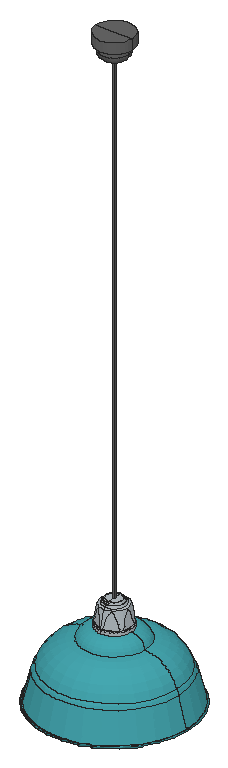
Revit family "Contempo Barn WDU5_14,16,18,20,22", category Lighting Fixtures, Revit 2020
Family settings
  Round Connector Dimension = Use Diameter
  Part Type = Normal
  OmniClass Number = 23.80.70.00
  OmniClass Title = Lighting
  Work Plane-Based = No
  Always vertical = Yes
  Cut with Voids When Loaded = No
  Light Source = Yes
  Shared = No
  Room Calculation Point = No
Parameters (values of type "WDU522")
  b = 0' - 2"
  a = 1' - 1"
  Weight = "6.2 lb"
  Wattage Comments = "200w Max"  # constant formula
  Wattage = 5.04908 W
  Warranty = "5 year limited warranty"  # constant formula
  WDU522 = yes
  WDU520 = no
  WDU518 = no
  WDU516 = no
  WDU514 = no
  built-in parameter 1150110 = 1 (stored number, unit not read)
  Voltage = 120 V
  URL = "https://www.anplighting.com/assets/Uploads/product-attachments/specification-sheets/ANP-Specification-Sheet-INC-WDU522.pdf"
  built-in parameter 1114217 = 1 (stored number, unit not read)
  Tilt Angle = 90.00°
  built-in parameter 1150109 = 1 (stored number, unit not read)
  built-in parameter 1150134 = (empty or 0)
  built-in parameter 1150113 = 1 (stored number, unit not read)
  Photometric Web File = "generic"
  built-in parameter 1150142 = (empty or 0)
  Mounting Option [instance] = 1
  Power Factor = 1
  Post Mount [instance] = Mounting Option = 5  # no
  Placement X axis side [instance] = if(Post Mount, 2' 2 15/32", if(Cord or Stem Mount, 0' 0", if(E36 20 inch, 1' 8 1/4", if(E 6 26 inch, 2' 2", if(E7 41 inch, 3' 5 1/4", 0' 1")))))  # 0' - 0"
  Model = "WDU522"
  Manufacturer = "ANP Lighting"  # constant formula
  built-in parameter 1150105 = 59.683 (stored number, unit not read)
  Lumens = 750 lm
  built-in parameter 1150115 = 1 (stored number, unit not read)
  Load Classification = Lighting
  Light Source Height [instance] = 0' - 0"
  built-in parameter 1150137 = (empty or 0)
  built-in parameter 1150139 = (empty or 0)
  Light Elevation _2 [instance] = if(Post Mount, 0' 0.66142", if(E7 41 inch, 0' 0.66142", if(E36 20 inch, 0' 1.65748", if(E 6 26 inch, 0' 1.53543", if(Cord or Stem Mount, (0' 4.3622" + Cord Length), 0' 0")))))  # 6' - 4.3622"
  Light Elevation _1 [instance] = if(Post Mount, 0' 0", if(E7 41 inch, 0' 0", if(E36 20 inch, 0' 1", if(E 6 26 inch, 0' 0.87402", if(Cord or Stem Mount, (0' 3.66142" + Cord Length), 0' 0")))))  # 6' - 3.66142"
  Light Elevation [instance] = if(Post Mount, 14' 0.5315", if(E7 41 inch, 0' 0", 0' 0"))  # 0' - 0"
  Life = "L70 50,000 hours"  # constant formula
  built-in parameter 1150112 = 1 (stored number, unit not read)
  built-in parameter 1150114 = 1 (stored number, unit not read)
  Lamp = "Incandescent"  # constant formula
  built-in parameter 1150132 = 2
  built-in parameter 1150102 = (empty or 0)
  built-in parameter 1150107 = 3000 (stored number, unit not read)
  built-in parameter 1150138 = (empty or 0)
  built-in parameter 1150106 = 0.59683 (stored number, unit not read)
  HUB = Putty
  Fixture Height = 1' - 2"
  Fixture Diameter = 1' - 10"
  Efficiency = "65-125 lumens per watt"  # constant formula
  built-in parameter 1150104 = 13.8 (stored number, unit not read)
  E7 41 inch [instance] = Mounting Option = 4  # no
  E36 20 inch [instance] = Mounting Option = 3  # no
  E 6 26 inch [instance] = Mounting Option = 2  # no
  Dimming Lamp Color Temperature Shift = <None>
  Dimming = "1%"  # constant formula
  Description = "120-277 Voltage"  # constant formula
  Default Elevation = 0' - 0"
  Cord or Stem Mount [instance] = Mounting Option = 1  # yes
  Cord Length option [instance] = 0
  Cord Length [instance] = if([2' Cord], 2' 0", if([4' Cord], 4' 0", if([8' Cord], 8' 0", if([10' Cord], 10' 0", if([6' Cord], 6' 0", 6' 0")))))  # 6' - 0"
  Construction Material = "Heavy Duty spun aluminum."  # constant formula
  Color Filter = 16777215
  Canopy Body = Aqua Green
  CRI = ">90"  # constant formula
  Body Material = body
  Body Colour = "Spun aluminium"  # constant formula
  built-in parameter 1114218 = 1 (stored number, unit not read)
  BULB = yes
  built-in parameter 1150133 = 10 (stored number, unit not read)
  Apparent Load = 200 VA
  8' Cord [instance] = Cord Length option = 8  # no
  6' Cord [instance] = Cord Length option = 6  # no
  4' Cord [instance] = Cord Length option = 4  # no
  2' Cord [instance] = Cord Length option = 2  # no
  10' Cord [instance] = Cord Length option = 10  # no
Reference planes (in)
  plane 1 "Light Source Axis (F/B)": y = 0
  plane 2: z = 0
  plane 3 "Light Source Axis (L/R)": x = 0
  plane 4 "Light Source Elevation": z = 0
  plane 5: z = 0
  plane 6: x = 0
  plane 7 "Bulb Position": z = -76.3622
  plane 8 "Canopy Position": z = -75.66142
  plane 9 "IES": z = -76.3622
  plane 10: z = 164.5315
  plane 11: z = -88.66142
  plane 12: z = -86.66142
  plane 13: z = -84.23029
Dimensions and locks (in)
  "Light Elevation": plane 5 to plane 2
  "Placement X axis side": plane 6 to plane 3 "Light Source Axis (L/R)"
  "Light Elevation _2": plane 5 to plane 7 "Bulb Position"
  "Light Elevation _1": plane 5 to plane 8 "Canopy Position"
  "Light Source Height": plane 7 "Bulb Position" to plane 9 "IES"
  locked: plane 4 "Light Source Elevation" to plane 2
  "a": plane 8 "Canopy Position" to plane 11
  "b": plane 12 to plane 11
  locked: plane 13 to plane 12 at 2.43113
  aligned and locked: level to plane 2
  aligned and locked: plane 1 "Light Source Axis (F/B)" to nested 5
  aligned and locked: nested 5 to plane 2
  aligned and locked: nested 1 to plane 3 "Light Source Axis (L/R)"
  aligned and locked: plane 3 "Light Source Axis (L/R)" to nested 2
  aligned and locked: plane 3 "Light Source Axis (L/R)" to nested 4
  aligned and locked: nested 3 to plane 5
  aligned and locked: plane 3 "Light Source Axis (L/R)" to nested 3
  aligned and locked: plane 1 "Light Source Axis (F/B)" to nested 2
  aligned and locked: plane 1 "Light Source Axis (F/B)" to nested 1
  aligned and locked: plane 1 "Light Source Axis (F/B)" to nested 4
  aligned and locked: plane 1 "Light Source Axis (F/B)" to nested 3
  aligned and locked: plane 2 to nested 1
  aligned and locked: plane 2 to nested 2
  aligned and locked: nested 4 to plane 2
  aligned and locked: imposter light to plane 6
  aligned and locked: plane 12 to imposter light
  aligned and locked: imposter light to plane 1 "Light Source Axis (F/B)"
  aligned and locked: plane 1 "Light Source Axis (F/B)" to nested 6
  aligned and locked: plane 3 "Light Source Axis (L/R)" to nested 6
  aligned and locked: nested 6 to plane 8 "Canopy Position"
  aligned and locked: plane 1 "Light Source Axis (F/B)" to nested 7
  aligned and locked: plane 3 "Light Source Axis (L/R)" to nested 7
  aligned and locked: nested 7 to plane 8 "Canopy Position"
  aligned and locked: nested 8 to plane 8 "Canopy Position"
  aligned and locked: nested 9 to plane 8 "Canopy Position"
  aligned and locked: nested 10 to plane 8 "Canopy Position"
  aligned and locked: plane 1 "Light Source Axis (F/B)" to nested 8
  aligned and locked: plane 3 "Light Source Axis (L/R)" to nested 8
  aligned and locked: plane 1 "Light Source Axis (F/B)" to nested 9
  aligned and locked: plane 3 "Light Source Axis (L/R)" to nested 9
  aligned and locked: plane 1 "Light Source Axis (F/B)" to nested 10
  aligned and locked: plane 3 "Light Source Axis (L/R)" to nested 10
Nested families (in)
  nested 1: "CORD OR STEM MOUNT" at (0, 0, -75.67), visible <- "Cord or Stem Mount", Cord or Stem Mount <- "Cord or Stem Mount", Body Material <- "Body Material", Light Elevation <- "Light Elevation", Cord Length <- "Cord Length", 10' Cord <- "10' Cord", 2' Cord <- "2' Cord", 4' Cord <- "4' Cord", 6' Cord <- "6' Cord", 8' Cord <- "8' Cord", type "CORD OR STEM MOUNT"
    with Light Elevation 0' - 0", Cord or Stem Mount yes, Cord Length 6' - 0", Body Material body, 8' Cord no, 6' Cord no, 4' Cord no, 2' Cord no, 10' Cord no
  nested 2: "E6 26 INCH" at (0, 0, 0), visible <- "E 6 26 inch", Chain Length <- "Cord Length", E 6 26 inch <- "E 6 26 inch", Placement X axis side <- "Placement X axis side", Body Material <- "Body Material", Light Elevation <- "Light Elevation", type "E6 26 INCH"
    with Placement X axis side 0' - 0", Light Elevation 0' - 0", E 6 26 inch no, Chain Length 6' - 0", Body Material body
  nested 3: "E7 41 INCH" at (0, 0, 0), Chain Length <- "Cord Length", visible <- "E7 41 inch", E7 41 inch <- "E7 41 inch", Placement X axis side <- "Placement X axis side", Body Material <- "Body Material", Light Elevation <- "Light Elevation", type "E7 41 INCH"
    with Placement X axis side 0' - 0", Light Elevation 0' - 0", E7 41 inch no, Chain Length 6' - 0", Body Material body
  nested 4: "E36 20 INCH" at (0, 0, 0), visible <- "E36 20 inch", E36 20 inch <- "E36 20 inch", Placement X axis side <- "Placement X axis side", Chain Length <- "Cord Length", Body Material <- "Body Material", Light Elevation <- "Light Elevation", type "E36 20 INCH"
    with Placement X axis side 0' - 0", Light Elevation 0' - 0", E36 20 inch no, Chain Length 6' - 0", Body Material body
  nested 5: "POST MOUNT" at (0, 0, 0), visible <- "Post Mount", Post Mount <- "Post Mount", Placement X axis side <- "Placement X axis side", Chain Length <- "Cord Length", Body Material <- "Body Material", Light Elevation <- "Light Elevation", type "POST MOUNT"
    with Post Mount no, Placement X axis side 0' - 0", Light Elevation 0' - 0", Chain Length 6' - 0", Body Material body
  nested 6: "WDU514_1" at (0, 0, -75.66142), Light Elevation <- "Light Elevation", HUB <- "HUB", Body <- "Canopy Body", visible <- "WDU514", WDU514 <- "WDU514", type "WDU514_1"
    with WDU514 no, Light Elevation 0' - 0", HUB Putty, Body Aqua Green
  nested 7: "WDU516_1" at (0, 0, -75.66142), visible <- "WDU516", WDU516 <- "WDU516", Body <- "Canopy Body", HUB <- "HUB", Light Elevation <- "Light Elevation", type "WDU516_1"
    with WDU516 no, Light Elevation 0' - 0", HUB Putty, Body Aqua Green
  nested 8: "WDU518_1" at (0, 0, -75.66142), visible <- "WDU518", WDU518 <- "WDU518", Light Elevation <- "Light Elevation", Body <- "Canopy Body", HUB <- "HUB", type "WDU518_1"
    with WDU518 no, Light Elevation 0' - 0", HUB Putty, Body Aqua Green
  nested 9: "WDU520_1" at (0, 0, -75.66142), WDU520 <- "WDU520", visible <- "WDU520", Body <- "Canopy Body", HUB <- "HUB", Light Elevation <- "Light Elevation", type "WDU520_1"
    with WDU520 no, Light Elevation 0' - 0", HUB Putty, Body Aqua Green
  nested 10: "WDU522_1" at (0, 0, -75.66142), WDU522 <- "WDU522", visible <- "WDU522", Body <- "Canopy Body", HUB <- "HUB", Light Elevation <- "Light Elevation", type "WDU522_1"
    with WDU522 yes, Light Elevation 0' - 0", HUB Putty, Body Aqua Green
Definition of nested family "CORD OR STEM MOUNT"
  Parameters (values of type "CORD OR STEM MOUNT")
    URL = ""
    Model = ""
    Manufacturer = ""
    Light Elevation [instance] = 1' - 7.69"
    Default Elevation = 0' - 0"
    Cord or Stem Mount [instance] = yes
    Cord Length [instance] = 6' - 0"
    Body Material [instance] = none
    8' Cord [instance] = no
    6' Cord [instance] = no
    4' Cord [instance] = no
    2' Cord [instance] = no
    10' Cord [instance] = no
  Reference planes (in)
    plane 1 "Light Source Axis (F/B)": y = 0
    plane 2: z = 0
    plane 3 "Light Source Axis (L/R)": x = 0
    plane 4 "Light Source Elevation": z = 23.125
    plane 5: z = 91.69
    plane 6: z = 19.69
  Forms (in)
    Extrusion 1, void, not visible
      sketch origin (0, 0, 2.38154) x (1, 0, 0) y (0, 0, 1)
        loop
          circle (0, 4.59925) r 0.16583
      from 1.18594 to 1.75
    Extrusion 2, void, not visible
      sketch origin (0, 0, 2.38154) x (0.707107, -0.707107, 0) y (0, 0, 1)
        loop
          circle (0, 4.59925) r 0.16583
      from 1.18594 to 1.75
    Extrusion 3, void, not visible
      sketch origin (0, 0, 2.38154) x (0.707107, 0.707107, 0) y (0, 0, 1)
        loop
          circle (0, 4.59925) r 0.16583
      from 1.18594 to 1.75
    Extrusion 4, void, not visible
      sketch origin (0, 0, 2.38154) x (0, 1, 0) y (0, 0, 1)
        loop
          circle (0, 4.59925) r 0.16583
      from 1.18594 to 1.75
    Extrusion 5, void, not visible
      sketch origin (0, 0, 2.38154) x (-0.707107, 0.707107, 0) y (0, 0, 1)
        loop
          circle (0, 4.59925) r 0.16583
      from 1.18594 to 1.75
    Extrusion 6, void, not visible
      sketch origin (0, 0, 2.38154) x (-1, 0, 0) y (0, 0, 1)
        loop
          circle (0, 4.59925) r 0.20678
      from 1.18594 to 1.75
    Extrusion 7, void, not visible
      sketch origin (0, 0, 2.38154) x (-0.707107, -0.707107, 0) y (0, 0, 1)
        loop
          circle (0, 4.59925) r 0.16583
      from 1.18594 to 1.75
    Extrusion 8, void, not visible
      sketch origin (0, 0, 2.38154) x (0, -1, 0) y (0, 0, 1)
        loop
          circle (0, 4.59925) r 0.16583
      from 1.18594 to 1.75
    Revolve 9, solid, material <- "Body Material", visible <- "Cord or Stem Mount"
      sketch origin (0, 0, 174.56698) x (1, 0, 0) y (0, 0, 1)
        loop
          line (2.6875, -79.20698) -> (0, -79.20698) -> (0, -82.87698) -> (0.125, -82.87698) -> (0.125, -82.83698) -> (0.75, -82.83698)
          arc (0.75, -82.83698) -> (0.81694, -82.77004) -> (0.75, -82.7031) r 0.06694
          line (0.75, -82.7031) -> (0.89763, -82.7031) -> (1.00223, -82.5985) -> (1.06587, -82.5985)
          arc (1.06587, -82.5985) -> (1.80099, -82.29401) -> (2.10549, -81.55888) r 1.03962
          line (2.10549, -81.55888) -> (2.10549, -81.03899)
          arc (2.10549, -81.03899) -> (2.12951, -80.981) -> (2.1875, -80.95698) r 0.08201
          line (2.1875, -80.95698) -> (2.1875, -80.70698) -> (2.6875, -80.70698) -> (2.6875, -79.20698)
        axis (0, -79.20698) -> (0, -82.87698)
      angle from 0 to 360
    Revolve 10, solid, material <- "Body Material", visible <- "Cord or Stem Mount"
      sketch origin (0, 0, 0) x (1, 0, 0) y (0, 0, 1)
        loop
          line (0, 91.69) -> (-0.125, 91.69) -> (-0.125, 19.69) -> (0, 19.69) -> (0, 91.69)
        axis (0, 19.69) -> (0, 91.69)
      angle from 0 to 360
  Dimensions and locks (in)
    "Light Elevation": plane 6 to plane 2
    "Cord Length": plane 5 to plane 6
    locked: Revolve 10 sketch curve to Revolve 10 sketch curve at 0.125
    aligned and locked: level to plane 2
    aligned and locked: Revolve 10 sketch curve to plane 3 "Light Source Axis (L/R)"
    aligned and locked: Revolve 10 sketch curve to plane 6
    aligned and locked: Revolve 10 sketch curve to plane 5
    aligned and locked: plane 3 "Light Source Axis (L/R)" to Revolve 10 sketch curve
  Automatic sketch dimensions
    Revolve 9 sketch curve to plane 3 "Light Source Axis (L/R)" = 0' - 0"  (x2)
    Revolve 9 sketch curve to plane 5 = 0' - 0"
    plane 3 "Light Source Axis (L/R)" to Revolve 9 sketch curve = 0' - 0 1/8"
    Revolve 9 sketch curve to plane 5 = 0' - 0.17388"
    Revolve 9 sketch curve to Revolve 9 sketch curve = 0' - 0 5/8"
    Revolve 9 sketch curve to Revolve 9 sketch curve = 0' - 0.14763"
    Revolve 9 sketch curve to plane 5 = 0' - 0.27847"
    Revolve 9 sketch curve to Revolve 9 sketch curve = 0' - 0.1046"
    Revolve 9 sketch curve to Revolve 9 sketch curve = 0' - 0.06364"
    Revolve 9 sketch curve to Revolve 9 sketch curve = 0' - 1.03962"
    Revolve 9 sketch curve to Revolve 9 sketch curve = 0' - 0 21/256"
    Revolve 9 sketch curve to Revolve 9 sketch curve = 0' - 0 1/2"  (x2)
    Revolve 9 sketch curve to Revolve 9 sketch curve = 0' - 0.51989"
    Revolve 9 sketch curve to Revolve 9 sketch curve = 0' - 0 1/4"
    Revolve 9 sketch curve to Revolve 9 sketch curve = 0' - 2.3519"
    Revolve 9 sketch curve to Revolve 9 sketch curve = 0' - 1 1/4"
    Revolve 9 sketch curve to Revolve 9 sketch curve = 0' - 0.04"
    Revolve 10 sketch curve to Revolve 10 sketch curve = 0' - 0 1/2"
    Revolve 10 sketch curve to Revolve 10 sketch curve = 0' - 0.42345"
Definition of nested family "WDU522_1"
  Parameters (values of type "WDU522_1")
    WDU522 [instance] = yes
    Light Elevation [instance] = 3' - 8"
    HUB [instance] = none
    Default Elevation = 0' - 0"
    Body [instance] = none
  Reference planes (in)
    plane 1 "Center (Front/Back)": y = 0
    plane 2: z = 0
    plane 3 "Center (Left/Right)": x = 0
    plane 4: z = 44
  Dimensions and locks (in)
    "Light Elevation": plane 4 to plane 2
    aligned and locked: plane 2 to level
    aligned and locked: plane 3 "Center (Left/Right)" to nested 1
    aligned and locked: plane 1 "Center (Front/Back)" to nested 1
    aligned and locked: plane 4 to nested 1
  Nested families (in)
    nested 1: "WDU522" at (0, 0, 30), HUB <- "HUB", BODY <- "Body", visible <- "WDU522", WDU522 <- "WDU522", type "WDU522"
      with WDU522 yes, HUB none, BODY none
  Definition of nested family "WDU522"
    Parameters (values of type "WDU522")
      WDU522 [instance] = yes
      BODY [instance] = none
      HUB [instance] = none
      Default Elevation = 0' - 0"
    Reference planes (in)
      plane 1 "Center (Front/Back)": y = 0
      plane 2: z = 0
      plane 3 "Center (Left/Right)": x = 0
      plane 4: z = 14
      plane 5: x = 11
      plane 6: x = -11
    Forms (in)
      Revolve 1, solid, material <- "BODY", visible <- "WDU522"
        sketch origin (0, 0, 0.0332) x (1, 0, 0) y (0, 0, 1)
          loop
            line (-1.94, 10.9225) -> (-2, 10.9225) -> (-2.25, 10.6725) -> (-2.25, 10.2525) -> (-2.40704, 10.2525)
            arc (-2.40704, 10.2525) -> (-3.76646, 9.81015) -> (-4.60523, 8.6525) r 2.31
            arc (-4.60523, 8.6525) -> (-7.4873, 7.5302) -> (-9.32379, 5.04159) r 5.56
            arc (-9.32379, 5.04159) -> (-9.54023, 4.69583) -> (-9.68431, 4.31419) r 2.06
            line (-9.68431, 4.31419) -> (-10.81027, 0.11202)
            arc (-10.81027, 0.11202) -> (-10.82971, 0.08136) -> (-10.86102, 0.063) r 0.07702
            arc (-10.86102, 0.063) -> (-10.90573, 0.07945) -> (-10.89012, 0.12445) r 0.034
            line (-10.89012, 0.12445) -> (-10.85843, 0.14019)
            arc (-10.85843, 0.14019) -> (-10.83729, 0.20302) -> (-10.90012, 0.22416) r 0.04687
            line (-10.90012, 0.22416) -> (-10.93181, 0.20842)
            arc (-10.93181, 0.20842) -> (-10.99191, 0.0425) -> (-10.82892, -0.02515) r 0.12775
            arc (-10.82892, -0.02515) -> (-10.76138, 0.0171) -> (-10.72035, 0.08539) r 0.17077
            line (-10.72035, 0.08539) -> (-9.59375, 4.28993)
            arc (-9.59375, 4.28993) -> (-9.45305, 4.66059) -> (-9.24085, 4.99549) r 1.96625
            arc (-9.24085, 4.99549) -> (-7.41111, 7.47039) -> (-4.53426, 8.56438) r 5.46625
            arc (-4.53426, 8.56438) -> (-3.73624, 9.71592) -> (-2.40704, 10.15875) r 2.21625
            line (-2.40704, 10.15875) -> (-2.15625, 10.15875) -> (-2.15625, 10.63367) -> (-1.93371, 10.85621)
            arc (-1.93371, 10.85621) -> (-1.90671, 10.89222) -> (-1.94, 10.9225) r 0.03344
          axis (0, 10.9225) -> (0, -0.02515)
        angle from 0 to 360
      Revolve 2, solid, material <- "HUB", visible <- "WDU522"
        sketch origin (0, 11.70542, 3.37081) x (0, 1, 0) y (0, 0, 1)
          loop
            arc (-12.87581, 10.62919) -> (-12.90449, 10.62015) -> (-12.9228, 10.59629) r 0.05
            line (-12.9228, 10.59629) -> (-13.01461, 10.34404) -> (-13.21461, 10.34404) -> (-13.31652, 10.06404) -> (-13.6924, 9.92723) -> (-14.13025, 7.44404) -> (-14.16127, 7.44404)
            arc (-14.16127, 7.44404) -> (-14.1928, 7.42739) -> (-14.20542, 7.39404) r 0.05039
            line (-14.20542, 7.39404) -> (-14.20542, 6.89404) -> (-11.70542, 6.89404) -> (-11.70542, 10.62919) -> (-12.87581, 10.62919)
          axis (-11.70542, 10.62919) -> (-11.70542, 6.89404)
        angle from 0 to 360
      Extrusion 3, void
        sketch origin (11.70542, 0, 3.37081) x (1, 0, 0) y (0, 0, 1)
          loop
            line (-9.24957, 7.44404) -> (-9.24957, 10.19404) -> (-9.7364, 10.19404) -> (-9.4864, 7.44404) -> (-9.24957, 7.44404)
        from -1.03027 to 1.03705
      Extrusion 4, void
        sketch origin (-11.70542, 0.0024, 3.37081) x (-1, 0.000784, 0) y (0, 0, 1)
          loop
            line (-9.24957, 7.44404) -> (-9.24957, 10.19404) -> (-9.7364, 10.19404) -> (-9.4864, 7.44404) -> (-9.24957, 7.44404)
        from -1.03027 to 1.03705
      Extrusion 5, void
        sketch origin (5.85368, 10.13421, 3.37081) x (0.500262, 0.865874, 0) y (0, 0, 1)
          loop
            line (-9.24957, 7.44404) -> (-9.24957, 10.19404) -> (-9.7364, 10.19404) -> (-9.4864, 7.44404) -> (-9.24957, 7.44404)
        from -1.03027 to 1.03705
      Extrusion 6, void
        sketch origin (-5.85996, -10.13543, 3.37081) x (-0.500941, -0.865481, 0) y (0, 0, 1)
          loop
            line (-9.24957, 7.44404) -> (-9.24957, 10.19404) -> (-9.7364, 10.19404) -> (-9.4864, 7.44404) -> (-9.24957, 7.44404)
        from -1.03027 to 1.03705
      Extrusion 7, void
        sketch origin (-5.84989, 10.13882, 3.37081) x (-0.49958, 0.866268, 0) y (0, 0, 1)
          loop
            line (-9.24957, 7.44404) -> (-9.24957, 10.19404) -> (-9.7364, 10.19404) -> (-9.4864, 7.44404) -> (-9.24957, 7.44404)
        from -1.03027 to 1.03705
      Extrusion 8, void
        sketch origin (5.84361, -10.14244, 3.37081) x (0.4989, -0.866659, 0) y (0, 0, 1)
          loop
            line (-9.24957, 7.44404) -> (-9.24957, 10.19404) -> (-9.7364, 10.19404) -> (-9.4864, 7.44404) -> (-9.24957, 7.44404)
        from -1.03027 to 1.03705
    Cuts and joins
      Extrusion 3 cuts Revolve 1
      Extrusion 3, Extrusion 4, Extrusion 5, Extrusion 6, Extrusion 7, Extrusion 8 cuts Revolve 2
    Dimensions and locks (in)
      plane 4 to plane 2 = 1' - 2"
      plane 5 to plane 3 "Center (Left/Right)" = 0' - 11"
      plane 6 to plane 5 = 1' - 10"
      aligned and locked: plane 2 to level
Definition of nested family "E6 26 INCH"
  Parameters (values of type "E6 26 INCH")
    URL = ""
    Placement X axis side [instance] = 2' - 2"
    Model = ""
    Manufacturer = ""
    Light Elevation [instance] = 8' - 4"
    E 6 26 inch [instance] = yes
    Default Elevation = 0' - 0"
    Chain Length [instance] = 0' - 0"
    Body Material [instance] = none
  Reference planes (in)
    plane 1 "Light Source Axis (F/B)": y = 0
    plane 2: z = 0
    plane 3 "Light Source Axis (L/R)": x = 0
    plane 4 "Light Source Elevation": z = 23.125
    plane 5: z = 100
    plane 6: x = -26
    plane 7: z = 99.125
    plane 8: x = -24.12
    plane 9: x = -25.5474
  Forms (in)
    Extrusion 1, void, not visible
      sketch origin (0, 0, 2.38154) x (1, 0, 0) y (0, 0, 1)
        loop
          circle (0, 4.59925) r 0.16583
      from 1.18594 to 1.75
    Extrusion 2, void, not visible
      sketch origin (0, 0, 2.38154) x (0.707107, -0.707107, 0) y (0, 0, 1)
        loop
          circle (0, 4.59925) r 0.16583
      from 1.18594 to 1.75
    Extrusion 3, void, not visible
      sketch origin (0, 0, 2.38154) x (0.707107, 0.707107, 0) y (0, 0, 1)
        loop
          circle (0, 4.59925) r 0.16583
      from 1.18594 to 1.75
    Extrusion 4, void, not visible
      sketch origin (0, 0, 2.38154) x (0, 1, 0) y (0, 0, 1)
        loop
          circle (0, 4.59925) r 0.16583
      from 1.18594 to 1.75
    Extrusion 5, void, not visible
      sketch origin (0, 0, 2.38154) x (-0.707107, 0.707107, 0) y (0, 0, 1)
        loop
          circle (0, 4.59925) r 0.16583
      from 1.18594 to 1.75
    Extrusion 6, void, not visible
      sketch origin (0, 0, 2.38154) x (-1, 0, 0) y (0, 0, 1)
        loop
          circle (0, 4.59925) r 0.20678
      from 1.18594 to 1.75
    Extrusion 7, void, not visible
      sketch origin (0, 0, 2.38154) x (-0.707107, -0.707107, 0) y (0, 0, 1)
        loop
          circle (0, 4.59925) r 0.16583
      from 1.18594 to 1.75
    Extrusion 8, void, not visible
      sketch origin (0, 0, 2.38154) x (0, -1, 0) y (0, 0, 1)
        loop
          circle (0, 4.59925) r 0.16583
      from 1.18594 to 1.75
    Sweep 9, solid, material <- "Body Material", visible <- "E 6 26 inch"
      path origin (-41.25, 0, 168.51693) x (1, 0, 0) y (0, 0, 1)
        loop
          line (17.13, -68.51693) -> (27.68551, -68.51693)
          arc (27.68551, -68.51693) -> (28.47996, -68.34486) -> (29.13202, -67.8595) r 1.92004
          line (29.13202, -67.8595) -> (34.23651, -62.01155)
          arc (34.23651, -62.01155) -> (38.65464, -60.89667) -> (41.25, -64.64193) r 4
          line (41.25, -64.64193) -> (41.25, -69.39193)
      profile origin (-18.84224, 0, 100) x (0, 0, 1) y (0, -1, 0)
        loop
          circle (0, 0) r 0.5
    Revolve 10, solid, material <- "Body Material", visible <- "E 6 26 inch"
      sketch origin (-26, 0, 168.51693) x (1, 0, 0) y (0, 0, 1)
        loop
          line (0, -66.07943) -> (0, -68.51693) -> (1.88, -68.51693) -> (1.88, -67.69272) -> (0.4526, -67.69272) -> (0.4526, -66.54122) -> (0.33125, -66.54122) -> (0.33125, -66.07943) -> (0, -66.07943)
        axis (0, -68.51693) -> (1.88, -68.51693)
      angle from 0 to 360
    Extrusion 11, solid, material <- "Body Material", visible <- "E 6 26 inch"
      sketch origin (-26, 0, 168.51693) x (0, -1, 0) y (0, 0, -1)
        loop
          line (0.25, 68.51693) -> (0.25, 69.51693) -> (-0.25, 69.51693) -> (-0.25, 68.51693) -> (0.25, 68.51693)
      from 0.4526 to 1.88
  Cuts and joins
    joined: Revolve 10, Extrusion 11
  Dimensions and locks (in)
    "Light Elevation": plane 5 to plane 2
    "Placement X axis side": plane 3 "Light Source Axis (L/R)" to plane 6
    locked: plane 5 to plane 7 at 0.875
    Revolve 10 sketch curve to Revolve 10 sketch curve to Revolve 10 sketch curve to plane 6 = 0' - 1.4274" locked, 0' - 0.12135" locked, 0' - 0.33125" locked
    Revolve 10 sketch curve to Revolve 10 sketch curve to Revolve 10 sketch curve to plane 5 = 0' - 0.46179" locked, 0' - 1.1515" locked, 0' - 0 211/256" locked
    locked: Sweep 9 sketch curve to plane 6 at 1.88
    locked: Sweep 9 sketch curve to Sweep 9 sketch curve at 10.55551
    locked: Sweep 9 sketch curve to Sweep 9 sketch curve at 13.56449
    locked: Sweep 9 sketch curve to Sweep 9 sketch curve at 4.75
    locked: plane 9 to plane 6 at 0.4526
    locked: plane 8 to plane 9 at 1.4274
    aligned and locked: level to plane 2
    aligned and locked: Revolve 10 sketch curve to plane 6
    aligned and locked: plane 5 to Revolve 10 sketch curve
    aligned and locked: Revolve 10 sketch curve to plane 5
    aligned and locked: cut or joined group of Revolve 10, Extrusion 11 to plane 9
    aligned and locked: plane 8 to cut or joined group of Revolve 10, Extrusion 11
  Automatic sketch dimensions
    Sweep 9 sketch curve to plane 5 = 0' - 0"
    Sweep 9 sketch curve to Sweep 9 sketch curve = 0' - 4"
    Sweep 9 sketch curve to Sweep 9 sketch curve = 0' - 3.01349"
    plane 5 to Sweep 9 sketch curve = 0' - 0.65743"
    Sweep 9 sketch curve to Sweep 9 sketch curve = 0' - 1.4465"
    Sweep 9 sketch curve to plane 5 = 0' - 0 7/8"
    profile plane to Sweep 9 sketch curve = 0' - 0"
    Sweep 9 sketch curve to profile plane = 0' - 0"
    plane 6 to Revolve 10 sketch curve = 0' - 0.62562"
    Revolve 10 sketch curve to Revolve 10 sketch curve = 0' - 0 1/2"
    Extrusion 11 sketch curve to plane 5 = 0' - 0"
    plane 1 "Light Source Axis (F/B)" to Extrusion 11 sketch curve = 0' - 0 1/4"
    Extrusion 11 sketch curve to plane 1 "Light Source Axis (F/B)" = 0' - 0 1/4"
    plane 5 to Extrusion 11 sketch curve = 0' - 1"
    radius of Sweep 9 sketch curve = 0' - 0 1/2"
Definition of nested family "E7 41 INCH"
  Parameters (values of type "E7 41 INCH")
    URL = ""
    Placement X axis side [instance] = 4' - 2"
    Model = ""
    Manufacturer = ""
    Light Elevation [instance] = 8' - 4"
    E7 41 inch [instance] = yes
    Default Elevation = 0' - 0"
    Chain Length [instance] = 0' - 0"
    Body Material [instance] = none
  Reference planes (in)
    plane 1 "Light Source Axis (F/B)": y = 0
    plane 2: z = 0
    plane 3 "Light Source Axis (L/R)": x = 0
    plane 4 "Light Source Elevation": z = 23.125
    plane 5: z = 100
    plane 6: x = -50
  Forms (in)
    Extrusion 1, void, not visible
      sketch origin (0, 0, 2.38154) x (1, 0, 0) y (0, 0, 1)
        loop
          circle (0, 4.59925) r 0.16583
      from 1.18594 to 1.75
    Extrusion 2, void, not visible
      sketch origin (0, 0, 2.38154) x (0.707107, -0.707107, 0) y (0, 0, 1)
        loop
          circle (0, 4.59925) r 0.16583
      from 1.18594 to 1.75
    Extrusion 3, void, not visible
      sketch origin (0, 0, 2.38154) x (0.707107, 0.707107, 0) y (0, 0, 1)
        loop
          circle (0, 4.59925) r 0.16583
      from 1.18594 to 1.75
    Extrusion 4, void, not visible
      sketch origin (0, 0, 2.38154) x (0, 1, 0) y (0, 0, 1)
        loop
          circle (0, 4.59925) r 0.16583
      from 1.18594 to 1.75
    Extrusion 5, void, not visible
      sketch origin (0, 0, 2.38154) x (-0.707107, 0.707107, 0) y (0, 0, 1)
        loop
          circle (0, 4.59925) r 0.16583
      from 1.18594 to 1.75
    Extrusion 6, void, not visible
      sketch origin (0, 0, 2.38154) x (-1, 0, 0) y (0, 0, 1)
        loop
          circle (0, 4.59925) r 0.20678
      from 1.18594 to 1.75
    Extrusion 7, void, not visible
      sketch origin (0, 0, 2.38154) x (-0.707107, -0.707107, 0) y (0, 0, 1)
        loop
          circle (0, 4.59925) r 0.16583
      from 1.18594 to 1.75
    Extrusion 8, void, not visible
      sketch origin (0, 0, 2.38154) x (0, -1, 0) y (0, 0, 1)
        loop
          circle (0, 4.59925) r 0.16583
      from 1.18594 to 1.75
    Revolve 9, solid, material <- "Body Material", visible <- "E7 41 inch"
      sketch origin (-41.25, 0, 168.39193) x (1, 0, 0) y (0, 0, 1)
        loop
          line (-8.75, -66.20443) -> (-8.75, -68.51693) -> (-6.87, -68.51693) -> (-6.87, -67.69272) -> (-8.2974, -67.69272) -> (-8.2974, -66.54122) -> (-8.41875, -66.54122) -> (-8.41875, -66.20443) -> (-8.75, -66.20443)
        axis (-8.75, -68.51693) -> (-6.87, -68.51693)
      angle from 0 to 360
    Extrusion 10, solid, material <- "Body Material", visible <- "E7 41 inch"
      sketch origin (-41.25, 0, 168.39193) x (0, -1, 0) y (0, 0, -1)
        loop
          line (0.25, 68.51693) -> (0.25, 69.51693) -> (-0.25, 69.51693) -> (-0.25, 68.51693) -> (0.25, 68.51693)
      from -8.2974 to -6.87
    Sweep 11, solid, material <- "Body Material", visible <- "E7 41 inch"
      path origin (-41.25, 0, 168.39193) x (1, 0, 0) y (0, 0, 1)
        loop
          line (-6.87, -68.51693) -> (16.04011, -68.51693)
          arc (16.04011, -68.51693) -> (17.864, -68.13651) -> (19.38375, -67.0587) r 4.5625
          line (19.38375, -67.0587) -> (24.70217, -61.33018)
          arc (24.70217, -61.33018) -> (29.64465, -60.20324) -> (32.5, -64.39193) r 4.5
          line (32.5, -64.39193) -> (32.5, -68.39193)
      profile origin (-36.66494, 0, 99.875) x (0, 0, 1) y (0, -1, 0)
        loop
          circle (0, 0) r 0.5
  Dimensions and locks (in)
    "Placement X axis side": plane 3 "Light Source Axis (L/R)" to plane 6
    "Light Elevation": plane 5 to plane 2
    locked: Revolve 9 sketch curve to Revolve 9 sketch curve at 0.33125
    locked: Revolve 9 sketch curve to Revolve 9 sketch curve at 0.4526
    locked: Revolve 9 sketch curve to Revolve 9 sketch curve at 1.88
    locked: Revolve 9 sketch curve to Revolve 9 sketch curve at 0.82421
    locked: Revolve 9 sketch curve to Revolve 9 sketch curve at 1.1515
    locked: Revolve 9 sketch curve to Revolve 9 sketch curve at 0.33679
    locked: plane 5 to Revolve 9 sketch curve at 0.125
    locked: Extrusion 10 sketch curve to Extrusion 10 sketch curve at 0.5
    locked: Extrusion 10 sketch curve to Extrusion 10 sketch curve at 1
    locked: plane 5 to Extrusion 10 sketch curve at 0.125
    locked: plane 5 to Sweep 11 sketch curve at 0.125
    locked: Sweep 11 sketch curve to Sweep 11 sketch curve at 39.37
    locked: Sweep 11 sketch curve to Sweep 11 sketch curve at 4
    locked: plane 6 to Extrusion 10 at 0.4526
    locked: Sweep 11 sketch curve to plane 6 at 1.88
    locked: Extrusion 10 to Extrusion 10 at 1.4274
    aligned and locked: plane 2 to level
    aligned and locked: Revolve 9 sketch curve to plane 6
  Automatic sketch dimensions
    Revolve 9 sketch curve to plane 5 = 0' - 0 1/8"
    plane 6 to Revolve 9 sketch curve = 0' - 0.62562"
    Revolve 9 sketch curve to Revolve 9 sketch curve = 0' - 0 1/2"
    plane 1 "Light Source Axis (F/B)" to Extrusion 10 sketch curve = 0' - 0 1/4"
    Sweep 11 sketch curve to plane 5 = 0' - 0"
    Sweep 11 sketch curve to Sweep 11 sketch curve = 0' - 4 1/2"
    Sweep 11 sketch curve to Sweep 11 sketch curve = 0' - 3.29783"
    plane 5 to Sweep 11 sketch curve = 0' - 1.33323"
    Sweep 11 sketch curve to Sweep 11 sketch curve = 0' - 5.31842"
    Sweep 11 sketch curve to Sweep 11 sketch curve = 0' - 3.34364"
    profile plane to Sweep 11 sketch curve = 0' - 0"
    Sweep 11 sketch curve to profile plane = 0' - 0"
    radius of Sweep 11 sketch curve = 0' - 0 1/2"
Definition of nested family "E36 20 INCH"
  Parameters (values of type "E36 20 INCH")
    URL = ""
    Placement X axis side [instance] = 1' - 8 1/4"
    Model = ""
    Manufacturer = ""
    Light Elevation [instance] = 8' - 4"
    E36 20 inch [instance] = yes
    Default Elevation = 0' - 0"
    Chain Length [instance] = 0' - 0"
    Body Material [instance] = none
  Reference planes (in)
    plane 1 "Light Source Axis (F/B)": y = 0
    plane 2: z = 0
    plane 3 "Light Source Axis (L/R)": x = 0
    plane 4 "Light Source Elevation": z = 23.125
    plane 5: z = 99
    plane 6: x = -20.25
    plane 7: z = 100
    plane 8: x = -18.37008
    plane 9: x = -19.79724
  Forms (in)
    Extrusion 1, void, not visible
      sketch origin (0, 0, 2.38154) x (1, 0, 0) y (0, 0, 1)
        loop
          circle (0, 4.59925) r 0.16583
      from 1.18594 to 1.75
    Extrusion 2, void, not visible
      sketch origin (0, 0, 2.38154) x (0.707107, -0.707107, 0) y (0, 0, 1)
        loop
          circle (0, 4.59925) r 0.16583
      from 1.18594 to 1.75
    Extrusion 3, void, not visible
      sketch origin (0, 0, 2.38154) x (0.707107, 0.707107, 0) y (0, 0, 1)
        loop
          circle (0, 4.59925) r 0.16583
      from 1.18594 to 1.75
    Extrusion 4, void, not visible
      sketch origin (0, 0, 2.38154) x (0, 1, 0) y (0, 0, 1)
        loop
          circle (0, 4.59925) r 0.16583
      from 1.18594 to 1.75
    Extrusion 5, void, not visible
      sketch origin (0, 0, 2.38154) x (-0.707107, 0.707107, 0) y (0, 0, 1)
        loop
          circle (0, 4.59925) r 0.16583
      from 1.18594 to 1.75
    Extrusion 6, void, not visible
      sketch origin (0, 0, 2.38154) x (-1, 0, 0) y (0, 0, 1)
        loop
          circle (0, 4.59925) r 0.20678
      from 1.18594 to 1.75
    Extrusion 7, void, not visible
      sketch origin (0, 0, 2.38154) x (-0.707107, -0.707107, 0) y (0, 0, 1)
        loop
          circle (0, 4.59925) r 0.16583
      from 1.18594 to 1.75
    Extrusion 8, void, not visible
      sketch origin (0, 0, 2.38154) x (0, -1, 0) y (0, 0, 1)
        loop
          circle (0, 4.59925) r 0.16583
      from 1.18594 to 1.75
    Sweep 9, solid, material <- "Body Material", visible <- "E36 20 inch"
      path origin (-41.25, 0, 169.51693) x (1, 0, 0) y (0, 0, 1)
        loop
          line (22.88, -69.51693) -> (28.93827, -69.51693)
          arc (28.93827, -69.51693) -> (29.97705, -69.28152) -> (30.81284, -68.62128) r 2.40953
          line (30.81284, -68.62128) -> (34.13807, -64.50378)
          arc (34.13807, -64.50378) -> (38.58272, -63.24548) -> (41.25, -67.01693) r 4
          line (41.25, -67.01693) -> (41.25, -70.51693)
      profile origin (-15.34086, 0, 100) x (0, 0, 1) y (0, -1, 0)
        loop
          circle (0, 0) r 0.5
    Revolve 10, solid, material <- "Body Material", visible <- "E36 20 inch"
      sketch origin (-20.25, 0, 169.51693) x (1, 0, 0) y (0, 0, 1)
        loop
          line (0, -67.20443) -> (0, -69.51693) -> (1.88, -69.51693) -> (1.88, -68.69272) -> (0.4526, -68.69272) -> (0.4526, -67.54122) -> (0.33125, -67.54122) -> (0.33125, -67.20443) -> (0, -67.20443)
        axis (0, -69.51693) -> (1.88, -69.51693)
      angle from 0 to 360
    Extrusion 11, solid, material <- "Body Material", visible <- "E36 20 inch"
      sketch origin (-20.25, 0, 169.51693) x (0, -1, 0) y (0, 0, -1)
        loop
          line (0.25, 69.51693) -> (0.25, 70.51693) -> (-0.25, 70.51693) -> (-0.25, 69.51693) -> (0.25, 69.51693)
      from 1.87992 to 0.45276
  Cuts and joins
    joined: Revolve 10, Extrusion 11
  Dimensions and locks (in)
    "Light Elevation": plane 7 to plane 2
    "Placement X axis side": plane 3 "Light Source Axis (L/R)" to plane 6
    locked: plane 7 to plane 5 at 1
    Revolve 10 sketch curve to Revolve 10 sketch curve to Revolve 10 sketch curve to plane 7 = 0' - 0.33679" locked, 0' - 1.1515" locked, 0' - 0 211/256" locked
    locked: Sweep 9 sketch curve to plane 6 at 1.88
    locked: Sweep 9 sketch curve to Sweep 9 sketch curve at 6.05827
    locked: Sweep 9 sketch curve to Sweep 9 sketch curve at 12.31173
    locked: Sweep 9 sketch curve to Sweep 9 sketch curve at 3.5
    Revolve 10 sketch curve to Revolve 10 sketch curve to Revolve 10 sketch curve to plane 6 = 0' - 1.4274" locked, 0' - 0.12135" locked, 0' - 0.33125" locked
    locked: plane 9 to plane 6 at 0.45276
    locked: plane 8 to plane 9 at 1.42717
    aligned and locked: level to plane 2
    aligned and locked: plane 7 to Revolve 10 sketch curve
    aligned and locked: Revolve 10 sketch curve to plane 7
    aligned and locked: Revolve 10 sketch curve to plane 6
    aligned and locked: cut or joined group of Revolve 10, Extrusion 11 to plane 9
    aligned and locked: plane 8 to cut or joined group of Revolve 10, Extrusion 11
  Automatic sketch dimensions
    Sweep 9 sketch curve to plane 7 = 0' - 0"
    Sweep 9 sketch curve to plane 5 = 0' - 0"
    Sweep 9 sketch curve to Sweep 9 sketch curve = 0' - 4"
    Sweep 9 sketch curve to plane 7 = 0' - 0.89565"
    Sweep 9 sketch curve to Sweep 9 sketch curve = 0' - 3.32523"
    Sweep 9 sketch curve to Sweep 9 sketch curve = 0' - 1.87457"
    profile plane to Sweep 9 sketch curve = 0' - 0"
    Sweep 9 sketch curve to profile plane = 0' - 0"
    plane 6 to Revolve 10 sketch curve = 0' - 0.62562"
    Revolve 10 sketch curve to Revolve 10 sketch curve = 0' - 0 1/2"
    plane 7 to Extrusion 11 sketch curve = 0' - 0"
    Extrusion 11 sketch curve to plane 5 = 0' - 0"
    plane 1 "Light Source Axis (F/B)" to Extrusion 11 sketch curve = 0' - 0 1/4"
    Extrusion 11 sketch curve to plane 1 "Light Source Axis (F/B)" = 0' - 0 1/4"
    radius of Sweep 9 sketch curve = 0' - 0 1/2"
Definition of nested family "POST MOUNT"
  Parameters (values of type "POST MOUNT")
    URL = ""
    Post Mount [instance] = yes
    Placement X axis side [instance] = 2' - 2 1/2"
    Model = ""
    Manufacturer = ""
    Light Elevation [instance] = 14' - 0.5168"
    Default Elevation = 0' - 0"
    Chain Length [instance] = 0' - 0"
    Body Material [instance] = none
  Reference planes (in)
    plane 1 "Light Source Axis (F/B)": y = 0
    plane 2: z = 0
    plane 3 "Light Source Axis (L/R)": x = 0
    plane 4 "Light Source Elevation": z = 23.125
    plane 5: x = -26.5
    plane 6: z = 168.5168
  Forms (in)
    Extrusion 1, void, not visible
      sketch origin (0, 0, 2.38154) x (1, 0, 0) y (0, 0, 1)
        loop
          circle (0, 4.59925) r 0.16583
      from 1.18594 to 1.75
    Extrusion 2, void, not visible
      sketch origin (0, 0, 2.38154) x (0.707107, -0.707107, 0) y (0, 0, 1)
        loop
          circle (0, 4.59925) r 0.16583
      from 1.18594 to 1.75
    Extrusion 3, void, not visible
      sketch origin (0, 0, 2.38154) x (0.707107, 0.707107, 0) y (0, 0, 1)
        loop
          circle (0, 4.59925) r 0.16583
      from 1.18594 to 1.75
    Extrusion 4, void, not visible
      sketch origin (0, 0, 2.38154) x (0, 1, 0) y (0, 0, 1)
        loop
          circle (0, 4.59925) r 0.16583
      from 1.18594 to 1.75
    Extrusion 5, void, not visible
      sketch origin (0, 0, 2.38154) x (-0.707107, 0.707107, 0) y (0, 0, 1)
        loop
          circle (0, 4.59925) r 0.16583
      from 1.18594 to 1.75
    Extrusion 6, void, not visible
      sketch origin (0, 0, 2.38154) x (-1, 0, 0) y (0, 0, 1)
        loop
          circle (0, 4.59925) r 0.20678
      from 1.18594 to 1.75
    Extrusion 7, void, not visible
      sketch origin (0, 0, 2.38154) x (-0.707107, -0.707107, 0) y (0, 0, 1)
        loop
          circle (0, 4.59925) r 0.16583
      from 1.18594 to 1.75
    Extrusion 8, void, not visible
      sketch origin (0, 0, 2.38154) x (0, -1, 0) y (0, 0, 1)
        loop
          circle (0, 4.59925) r 0.16583
      from 1.18594 to 1.75
    Revolve 9, solid, material <- "Body Material", visible <- "Post Mount"
      sketch origin (-7.90508, 0, 0) x (1, 0, 0) y (0, 0, 1)
        loop
          line (-18.59492, 3.92912) -> (-16.29831, 3.92912) -> (-16.29831, 4.2668) -> (-16.91413, 4.2668) -> (-16.91413, 134.5168) -> (-17.16413, 134.5168) -> (-17.16413, 137.3918) -> (-17.05979, 137.3918)
          arc (-17.05979, 137.3918) -> (-16.93479, 137.5168) -> (-17.05979, 137.6418) r 0.125
          line (-17.05979, 137.6418) -> (-17.48032, 137.6418) -> (-17.48032, 139.0793) -> (-17.73032, 139.0793) -> (-17.73032, 139.5793) -> (-18.59492, 139.5793) -> (-18.59492, 3.92912)
        axis (-18.59492, 139.5793) -> (-18.59492, 3.92912)
      angle from 0 to 360
    Extrusion 10, solid, material <- "Body Material", visible <- "Post Mount"
      sketch origin (0, 0, 0) x (1, 0, 0) y (0, 1, 0)
        loop
          line (-20.5, 5.93079) -> (-32.5, 5.93079) -> (-32.5, -6.06921) -> (-20.5, -6.06921) -> (-20.5, 5.93079)
      from 0 to 3.92912
    Sweep 11, solid, material <- "Body Material", visible <- "Post Mount"
      path origin (0, 0, 48.5) x (1, 0, 0) y (0, 0, 1)
        loop
          line (0, 120.0168) -> (0, 128.0168)
          arc (0, 128.0168) -> (-13.25, 141.2668) -> (-26.5, 128.0168) r 13.25
          line (-26.5, 128.0168) -> (-26.5, 91.0793)
      profile origin (0, 0, 172.5168) x (-1, 0, 0) y (0, -1, 0)
        loop
          circle (0, 0) r 0.5
    Revolve 12, solid, material <- "Body Material", visible <- "Post Mount"
      sketch origin (0, 0, 0) x (1, 0, 0) y (0, 0, 1)
        loop
          line (0, 168.5168) -> (0.75, 168.5168) -> (0.75, 170.7668) -> (0, 170.7668) -> (0, 168.5168)
        axis (0, 170.7668) -> (0, 168.5168)
      angle from 0 to 360
  Cuts and joins
    joined: Revolve 9, Extrusion 10, Sweep 11, Revolve 12
  Dimensions and locks (in)
    "Placement X axis side": plane 3 "Light Source Axis (L/R)" to plane 5
    "Light Elevation": plane 6 to plane 2
    locked: Revolve 12 sketch curve to plane 5 at 26.5  (x2)
    locked: Revolve 9 sketch curve to plane 2 at 3.92912
    locked: Revolve 9 sketch curve to plane 5 at 2.29661
    locked: Revolve 9 sketch curve to plane 5 at 1.68079
    locked: Revolve 9 sketch curve to plane 5 at 1.43079
    locked: Revolve 9 sketch curve to plane 5 at 1.11461
    locked: Revolve 9 sketch curve to plane 5 at 0.86461
    locked: Revolve 9 sketch curve to Revolve 9 sketch curve at 130.58768
    locked: Revolve 9 sketch curve to Revolve 9 sketch curve at 2.875
    locked: Revolve 9 sketch curve to Revolve 9 sketch curve at 0.25
    locked: Revolve 9 sketch curve to Revolve 9 sketch curve at 1.4375
    locked: Revolve 9 sketch curve to Revolve 9 sketch curve at 0.5
    locked: Sweep 11 sketch curve to Sweep 11 sketch curve at 26.5
    locked: Revolve 12 sketch curve to Revolve 12 sketch curve at 0.75
    locked: cut or joined group of Revolve 9, Extrusion 10, Sweep 11, Revolve 12 to plane 2 at 139.5793
    aligned and locked: level to plane 2
    aligned and locked: plane 5 to Sweep 11 sketch curve
    aligned and locked: Revolve 9 sketch curve to plane 5
  Automatic sketch dimensions
    Revolve 9 sketch curve to plane 5 = 0' - 0"
    Revolve 9 sketch curve to Revolve 9 sketch curve = 0' - 0.10434"
    Revolve 9 sketch curve to Revolve 9 sketch curve = 0' - 0.33768"
    Revolve 9 sketch curve to Revolve 9 sketch curve = 0' - 0 1/4"
    Revolve 9 sketch curve to Revolve 9 sketch curve = 0' - 0 7/16"
    Extrusion 10 sketch curve to plane 5 = 0' - 6"
    plane 5 to Extrusion 10 sketch curve = 0' - 6"
    plane 1 "Light Source Axis (F/B)" to Extrusion 10 sketch curve = 0' - 6.06921"
    Extrusion 10 sketch curve to plane 1 "Light Source Axis (F/B)" = 0' - 5.93079"
    Sweep 11 sketch curve to profile plane = 0' - 0"
    profile plane to Sweep 11 sketch curve = 0' - 0"
    Sweep 11 sketch curve to plane 6 = 0' - 0"
    Sweep 11 sketch curve to plane 6 = 0' - 8"
    plane 6 to Sweep 11 sketch curve = 2' - 4 15/16"
    Revolve 12 sketch curve to plane 6 = 0' - 0"
    Revolve 12 sketch curve to plane 6 = 0' - 2 1/4"
    Revolve 12 sketch curve to Revolve 12 sketch curve = 0' - 0 1/2"
    Revolve 12 sketch curve to Revolve 12 sketch curve = 0' - 0"
    radius of Sweep 11 sketch curve = 0' - 0 1/2"
Definition of nested family "WDU514_1"
  Parameters (values of type "WDU514_1")
    WDU514 [instance] = yes
    Light Elevation [instance] = 3' - 0"
    HUB [instance] = none
    Default Elevation = 0' - 0"
    Body [instance] = none
  Reference planes (in)
    plane 1 "Center (Front/Back)": y = 0
    plane 2: z = 0
    plane 3 "Center (Left/Right)": x = 0
    plane 4: z = 36
  Dimensions and locks (in)
    "Light Elevation": plane 4 to plane 2
    aligned and locked: plane 2 to level
    aligned and locked: plane 3 "Center (Left/Right)" to nested 1
    aligned and locked: plane 1 "Center (Front/Back)" to nested 1
    aligned and locked: plane 4 to nested 1
  Nested families (in)
    nested 1: "WDU514" at (0, 0, 25.375), WDU514 <- "WDU514", visible <- "WDU514", HUB <- "HUB", BODY <- "Body", type "WDU514"
      with WDU514 yes, HUB none, BODY none
  Definition of nested family "WDU514"
    Parameters (values of type "WDU514")
      WDU514 [instance] = yes
      BODY [instance] = none
      HUB [instance] = none
      Default Elevation = 0' - 0"
    Reference planes (in)
      plane 1 "Center (Front/Back)": y = 0
      plane 2: z = 0
      plane 3 "Center (Left/Right)": x = 0
      plane 4: z = 10.625
      plane 5: x = 7
      plane 6: x = -7
    Forms (in)
      Revolve 1, solid, material <- "BODY", visible <- "WDU514"
        sketch origin (0, 0, 0) x (1, 0, 0) y (0, 0, 1)
          loop
            line (-2, 7.5225) -> (-2.25, 7.2725) -> (-2.25, 6.8525) -> (-2.40704, 6.8525)
            arc (-2.40704, 6.8525) -> (-3.33333, 6.54773) -> (-3.89768, 5.7525) r 1.56
            arc (-3.89768, 5.7525) -> (-4.57131, 5.49068) -> (-5.20897, 5.15053) r 6.06
            arc (-5.20897, 5.15053) -> (-5.36214, 5.02627) -> (-5.47762, 4.86638) r 0.75
            arc (-5.47762, 4.86638) -> (-5.59608, 4.61191) -> (-5.68431, 4.34544) r 2.42307
            line (-5.68431, 4.34544) -> (-6.81027, 0.14327)
            arc (-6.81027, 0.14327) -> (-6.82971, 0.11261) -> (-6.86102, 0.09425) r 0.07702
            arc (-6.86102, 0.09425) -> (-6.90573, 0.1107) -> (-6.89012, 0.1557) r 0.034
            line (-6.89012, 0.1557) -> (-6.85843, 0.17144)
            arc (-6.85843, 0.17144) -> (-6.83729, 0.23427) -> (-6.90012, 0.25541) r 0.04688
            line (-6.90012, 0.25541) -> (-6.93181, 0.23967)
            arc (-6.93181, 0.23967) -> (-6.99191, 0.07375) -> (-6.82892, 0.0061) r 0.12775
            arc (-6.82892, 0.0061) -> (-6.76138, 0.04835) -> (-6.72035, 0.11664) r 0.17077
            line (-6.72035, 0.11664) -> (-5.59375, 4.32118)
            arc (-5.59375, 4.32118) -> (-5.52747, 4.53032) -> (-5.44262, 4.73264) r 2.43324
            arc (-5.44262, 4.73264) -> (-5.30213, 4.94268) -> (-5.10669, 5.10287) r 0.86065
            arc (-5.10669, 5.10287) -> (-4.4812, 5.4286) -> (-3.82164, 5.67825) r 5.96625
            arc (-3.82164, 5.67825) -> (-3.29707, 6.45772) -> (-2.40704, 6.75875) r 1.46625
            line (-2.40704, 6.75875) -> (-2.15625, 6.75875) -> (-2.15625, 7.23367) -> (-1.94, 7.44992) -> (-1.94, 7.5225) -> (-2, 7.5225)
          axis (0, 7.5225) -> (0, 0.0061)
        angle from 0 to 360
      Revolve 2, solid, material <- "HUB", visible <- "WDU514"
        sketch origin (0, 11.70542, 0) x (0, 1, 0) y (0, 0, 1)
          loop
            arc (-12.87734, 10.625) -> (-12.90602, 10.61596) -> (-12.92432, 10.5921) r 0.05
            line (-12.92432, 10.5921) -> (-13.01461, 10.34404) -> (-13.21461, 10.34404) -> (-13.31652, 10.06404) -> (-13.6924, 9.92723) -> (-14.13025, 7.44404) -> (-14.16127, 7.44404)
            arc (-14.16127, 7.44404) -> (-14.1928, 7.42739) -> (-14.20542, 7.39404) r 0.05039
            line (-14.20542, 7.39404) -> (-14.20542, 6.89404) -> (-11.70542, 6.89404) -> (-11.70542, 10.625) -> (-12.87734, 10.625)
          axis (-11.70542, 10.625) -> (-11.70542, 6.89404)
        angle from 0 to 360
      Extrusion 3, void
        sketch origin (11.70542, 0, 0) x (1, 0, 0) y (0, 0, 1)
          loop
            line (-9.24957, 7.44404) -> (-9.24957, 10.19404) -> (-9.7364, 10.19404) -> (-9.4864, 7.44404) -> (-9.24957, 7.44404)
        from -1.03027 to 1.03705
      Extrusion 4, void
        sketch origin (-11.70542, 0.0024, 0) x (-1, 0.000784, 0) y (0, 0, 1)
          loop
            line (-9.24957, 7.44404) -> (-9.24957, 10.19404) -> (-9.7364, 10.19404) -> (-9.4864, 7.44404) -> (-9.24957, 7.44404)
        from -1.03027 to 1.03705
      Extrusion 5, void
        sketch origin (5.85368, 10.13421, 0) x (0.500262, 0.865874, 0) y (0, 0, 1)
          loop
            line (-9.24957, 7.44404) -> (-9.24957, 10.19404) -> (-9.7364, 10.19404) -> (-9.4864, 7.44404) -> (-9.24957, 7.44404)
        from -1.03027 to 1.03705
      Extrusion 6, void
        sketch origin (-5.85996, -10.13543, 0) x (-0.500941, -0.865481, 0) y (0, 0, 1)
          loop
            line (-9.24957, 7.44404) -> (-9.24957, 10.19404) -> (-9.7364, 10.19404) -> (-9.4864, 7.44404) -> (-9.24957, 7.44404)
        from -1.03027 to 1.03705
      Extrusion 7, void
        sketch origin (-5.84989, 10.13882, 0) x (-0.49958, 0.866268, 0) y (0, 0, 1)
          loop
            line (-9.24957, 7.44404) -> (-9.24957, 10.19404) -> (-9.7364, 10.19404) -> (-9.4864, 7.44404) -> (-9.24957, 7.44404)
        from -1.03027 to 1.03705
      Extrusion 8, void
        sketch origin (5.84361, -10.14244, 0) x (0.4989, -0.866659, 0) y (0, 0, 1)
          loop
            line (-9.24957, 7.44404) -> (-9.24957, 10.19404) -> (-9.7364, 10.19404) -> (-9.4864, 7.44404) -> (-9.24957, 7.44404)
        from -1.03027 to 1.03705
    Cuts and joins
      Extrusion 3, Extrusion 4, Extrusion 5, Extrusion 6, Extrusion 7, Extrusion 8 cuts Revolve 2
    Dimensions and locks (in)
      plane 4 to plane 2 = 0' - 10 5/8"
      plane 5 to plane 3 "Center (Left/Right)" = 0' - 7"
      plane 5 to plane 6 = 1' - 2"
      aligned and locked: plane 2 to level
      aligned and locked: plane 4 to Revolve 2 sketch curve
Definition of nested family "WDU516_1"
  Parameters (values of type "WDU516_1")
    WDU516 [instance] = yes
    Light Elevation [instance] = 3' - 1"
    HUB [instance] = none
    Default Elevation = 0' - 0"
    Body [instance] = none
  Reference planes (in)
    plane 1 "Center (Front/Back)": y = 0
    plane 2: z = 0
    plane 3 "Center (Left/Right)": x = 0
    plane 4: z = 37
  Dimensions and locks (in)
    "Light Elevation": plane 4 to plane 2
    aligned and locked: plane 2 to level
    aligned and locked: plane 3 "Center (Left/Right)" to nested 1
    aligned and locked: plane 1 "Center (Front/Back)" to nested 1
    aligned and locked: plane 4 to nested 1
  Nested families (in)
    nested 1: "WDU516" at (0, 0, 25.5), HUB <- "HUB", BODY <- "Body", WDU516 <- "WDU516", visible <- "WDU516", type "WDU516"
      with WDU516 yes, HUB none, BODY none
  Definition of nested family "WDU516"
    Parameters (values of type "WDU516")
      WDU516 [instance] = yes
      BODY [instance] = none
      HUB [instance] = none
      Default Elevation = 0' - 0"
    Reference planes (in)
      plane 1 "Center (Front/Back)": y = 0
      plane 2: z = 0
      plane 3 "Center (Left/Right)": x = 0
      plane 4: z = 11.5
      plane 5: x = 8
      plane 6: x = -8
    Forms (in)
      Revolve 1, solid, material <- "BODY", visible <- "WDU516"
        sketch origin (0, 0, 0.03394) x (1, 0, 0) y (0, 0, 1)
          loop
            line (-2, 8.3847) -> (-2.25, 8.1347) -> (-2.25, 7.7147) -> (-2.40704, 7.7147)
            arc (-2.40704, 7.7147) -> (-3.40502, 7.35372) -> (-3.94113, 6.43784) r 1.56
            arc (-3.94113, 6.43784) -> (-5.33829, 5.79973) -> (-6.48234, 4.77484) r 5.10398
            arc (-6.48234, 4.77484) -> (-6.58127, 4.62462) -> (-6.64608, 4.45684) r 0.84322
            line (-6.64608, 4.45684) -> (-7.81027, 0.11202)
            arc (-7.81027, 0.11202) -> (-7.82971, 0.08136) -> (-7.86102, 0.063) r 0.07702
            arc (-7.86102, 0.063) -> (-7.90573, 0.07945) -> (-7.89012, 0.12445) r 0.034
            line (-7.89012, 0.12445) -> (-7.85843, 0.14019)
            arc (-7.85843, 0.14019) -> (-7.83729, 0.20302) -> (-7.90012, 0.22416) r 0.04687
            line (-7.90012, 0.22416) -> (-7.93181, 0.20842)
            arc (-7.93181, 0.20842) -> (-7.99191, 0.0425) -> (-7.82892, -0.02515) r 0.12775
            arc (-7.82892, -0.02515) -> (-7.76138, 0.0171) -> (-7.72035, 0.08539) r 0.17077
            line (-7.72035, 0.08539) -> (-6.61816, 4.19883)
            arc (-6.61816, 4.19883) -> (-6.48112, 4.55072) -> (-6.27085, 4.86438) r 1.72644
            arc (-6.27085, 4.86438) -> (-5.18343, 5.80555) -> (-3.85824, 6.36424) r 4.59242
            arc (-3.85824, 6.36424) -> (-3.3669, 7.26311) -> (-2.40704, 7.62095) r 1.46625
            line (-2.40704, 7.62095) -> (-2.15625, 7.62095) -> (-2.15625, 8.09587) -> (-1.94, 8.3847) -> (-2, 8.3847)
          axis (0, 8.3847) -> (0, -0.02515)
        angle from 0 to 360
      Revolve 2, solid, material <- "HUB", visible <- "WDU516"
        sketch origin (0, 11.70542, 0.82094) x (0, 1, 0) y (0, 0, 1)
          loop
            arc (-12.85766, 10.67906) -> (-12.88634, 10.67002) -> (-12.90465, 10.64616) r 0.05
            line (-12.90465, 10.64616) -> (-13.01461, 10.34404) -> (-13.21461, 10.34404) -> (-13.31652, 10.06404) -> (-13.6924, 9.92723) -> (-14.13025, 7.44404) -> (-14.16127, 7.44404)
            arc (-14.16127, 7.44404) -> (-14.1928, 7.42739) -> (-14.20542, 7.39404) r 0.05039
            line (-14.20542, 7.39404) -> (-14.20542, 6.89404) -> (-11.95542, 6.89404) -> (-11.95542, 10.67906) -> (-12.85766, 10.67906)
          axis (-11.70542, 10.67906) -> (-11.70542, 6.89404)
        angle from 0 to 360
      Extrusion 3, void
        sketch origin (11.70542, 0, 0.82094) x (1, 0, 0) y (0, 0, 1)
          loop
            line (-9.24957, 7.44404) -> (-9.24957, 10.19404) -> (-9.7364, 10.19404) -> (-9.4864, 7.44404) -> (-9.24957, 7.44404)
        from -1.03027 to 1.03705
      Extrusion 4, void
        sketch origin (-11.70542, 0.0024, 0.82094) x (-1, 0.000784, 0) y (0, 0, 1)
          loop
            line (-9.24957, 7.44404) -> (-9.24957, 10.19404) -> (-9.7364, 10.19404) -> (-9.4864, 7.44404) -> (-9.24957, 7.44404)
        from -1.03027 to 1.03705
      Extrusion 5, void
        sketch origin (5.85368, 10.13421, 0.82094) x (0.500262, 0.865874, 0) y (0, 0, 1)
          loop
            line (-9.24957, 7.44404) -> (-9.24957, 10.19404) -> (-9.7364, 10.19404) -> (-9.4864, 7.44404) -> (-9.24957, 7.44404)
        from -1.03027 to 1.03705
      Extrusion 6, void
        sketch origin (-5.85996, -10.13543, 0.82094) x (-0.500941, -0.865481, 0) y (0, 0, 1)
          loop
            line (-9.24957, 7.44404) -> (-9.24957, 10.19404) -> (-9.7364, 10.19404) -> (-9.4864, 7.44404) -> (-9.24957, 7.44404)
        from -1.03027 to 1.03705
      Extrusion 7, void
        sketch origin (-5.84989, 10.13882, 0.82094) x (-0.49958, 0.866268, 0) y (0, 0, 1)
          loop
            line (-9.24957, 7.44404) -> (-9.24957, 10.19404) -> (-9.7364, 10.19404) -> (-9.4864, 7.44404) -> (-9.24957, 7.44404)
        from -1.03027 to 1.03705
      Extrusion 8, void
        sketch origin (5.84361, -10.14244, 0.82094) x (0.4989, -0.866659, 0) y (0, 0, 1)
          loop
            line (-9.24957, 7.44404) -> (-9.24957, 10.19404) -> (-9.7364, 10.19404) -> (-9.4864, 7.44404) -> (-9.24957, 7.44404)
        from -1.03027 to 1.03705
    Cuts and joins
      Extrusion 3 cuts Revolve 1
      Extrusion 3, Extrusion 4, Extrusion 5, Extrusion 6, Extrusion 7, Extrusion 8 cuts Revolve 2
    Dimensions and locks (in)
      plane 4 to plane 2 = 0' - 11 1/2"
      plane 5 to plane 3 "Center (Left/Right)" = 0' - 8"
      aligned and locked: plane 2 to level
Definition of nested family "WDU518_1"
  Parameters (values of type "WDU518_1")
    WDU518 [instance] = yes
    Light Elevation [instance] = 3' - 0"
    HUB [instance] = none
    Default Elevation = 0' - 0"
    Body [instance] = none
  Reference planes (in)
    plane 1 "Center (Front/Back)": y = 0
    plane 2: z = 0
    plane 3 "Center (Left/Right)": x = 0
    plane 4: z = 36
  Dimensions and locks (in)
    "Light Elevation": plane 4 to plane 2
    aligned and locked: plane 2 to level
    aligned and locked: plane 3 "Center (Left/Right)" to nested 1
    aligned and locked: plane 1 "Center (Front/Back)" to nested 1
    aligned and locked: plane 4 to nested 1
  Nested families (in)
    nested 1: "WDU518" at (0, 0, 23.625), HUB <- "HUB", BODY <- "Body", visible <- "WDU518", WDU518 <- "WDU518", type "WDU518"
      with WDU518 yes, HUB none, BODY none
  Definition of nested family "WDU518"
    Parameters (values of type "WDU518")
      WDU518 [instance] = yes
      BODY [instance] = none
      HUB [instance] = none
      Default Elevation = 0' - 0"
    Reference planes (in)
      plane 1 "Center (Front/Back)": y = 0
      plane 2: z = 0
      plane 3 "Center (Left/Right)": x = 0
      plane 4: z = 12.375
      plane 5: x = 9
      plane 6: x = -9
    Forms (in)
      Revolve 1, solid, material <- "BODY", visible <- "WDU518"
        sketch origin (0, 0, 0.03516) x (1, 0, 0) y (0, 0, 1)
          loop
            line (-1.94, 9.2225) -> (-2, 9.2225) -> (-2.25, 8.9725) -> (-2.25, 8.5525) -> (-2.40704, 8.5525)
            arc (-2.40704, 8.5525) -> (-3.35415, 8.2321) -> (-3.9122, 7.4025) r 1.56
            arc (-3.9122, 7.4025) -> (-5.84979, 6.53345) -> (-7.36859, 5.04928) r 6.06
            arc (-7.36859, 5.04928) -> (-7.5653, 4.69889) -> (-7.68138, 4.31419) r 1.84263
            line (-7.68138, 4.31419) -> (-8.80734, 0.11202)
            arc (-8.80734, 0.11202) -> (-8.82678, 0.08136) -> (-8.8581, 0.063) r 0.07702
            arc (-8.8581, 0.063) -> (-8.9028, 0.07945) -> (-8.88719, 0.12445) r 0.034
            line (-8.88719, 0.12445) -> (-8.8555, 0.14019)
            arc (-8.8555, 0.14019) -> (-8.83436, 0.20302) -> (-8.89719, 0.22416) r 0.04688
            line (-8.89719, 0.22416) -> (-8.92888, 0.20842)
            arc (-8.92888, 0.20842) -> (-8.98898, 0.0425) -> (-8.82599, -0.02515) r 0.12775
            arc (-8.82599, -0.02515) -> (-8.75845, 0.0171) -> (-8.71742, 0.08539) r 0.17077
